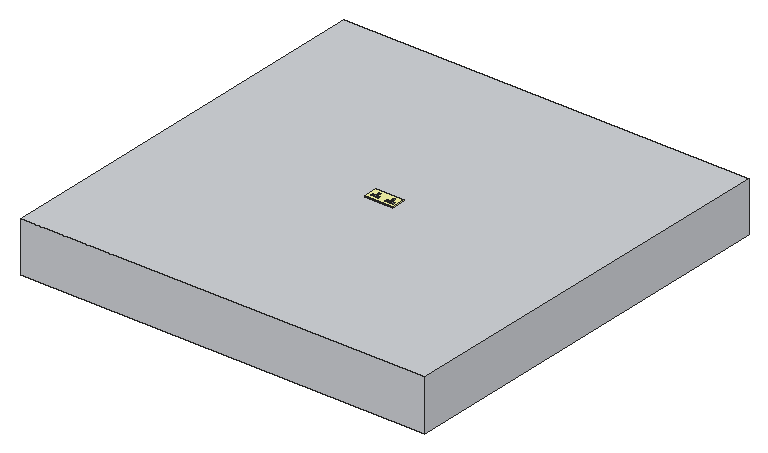
Revit family "EP_Twin 13A Floor Socket", category Electrical Fixtures, host Face, Revit 2013
Parameters
  soc = Socket
  Voltage = 230 V
  Plate = Face Plate
  Load Classification = Twin Socket
  Load = 200 W
  Default Elevation = 1200 mm
Reference planes
  plane 1 "Center (Front/Back)": y = 0
  plane 2: z = 0
  plane 3 "Center (Left/Right)": x = 0
  plane 4: x = -86
  plane 5: x = 86
  plane 6: y = 43
  plane 7: y = -43
  plane 8 "Switch": z = 4
Forms (mm)
  Extrusion 1, solid
    sketch origin (0, 0, 0) x (1, 0, 0) y (0, 1, 0)
      loop
        line (-1219.2, 1219.2) -> (-1219.2, -1219.2) -> (1219.2, -1219.2) -> (1219.2, 1219.2) -> (-1219.2, 1219.2)
    from 0 to -304.8
  Extrusion 2, solid, material "Face Plate" <- "Plate"
    sketch origin (0, 0, 0) x (1, 0, 0) y (0, 1, 0)
      loop
        line (-86, -43) -> (86, -43) -> (86, 43) -> (-86, 43) -> (-86, -43)
    from 0 to 4
  Extrusion 3, solid, material "Socket" <- "soc"
    sketch origin (-43, 0, 0) x (1, 0, 0) y (0, 1, 0)
      loop
        line (-23, -6) -> (-23, -18) -> (23, -18) -> (23, -6) -> (5, -6) -> (5, 20) -> (-5, 20) -> (-5, -6) -> (-23, -6)
    from 4 to 5
  Extrusion 4, void
    sketch origin (-43, 0, 0) x (1, 0, 0) y (0, 1, 0)
      loop
        line (-17, -9.618) -> (-17, -14) -> (-5, -14) -> (-5, -9.618) -> (-17, -9.618)
    from 0 to 9
  Extrusion 5, void
    sketch origin (-43, 0, 0) x (-1, 0, 0) y (0, -1, 0)
      loop
        line (-17, 9.618) -> (-5, 9.618) -> (-5, 14) -> (-17, 14) -> (-17, 9.618)
    from 0 to 9
  Extrusion 6, void
    sketch origin (-43, 0, 0) x (1, 0, 0) y (0, 1, 0)
      loop
        line (2, 15.984) -> (-2, 15.984) -> (-2, 4) -> (2, 4) -> (2, 15.984)
    from 0 to 9
  Extrusion 7, solid, material "Socket" <- "soc"
    sketch origin (43, 0, 0) x (1, 0, 0) y (0, 1, 0)
      loop
        line (-23, -6) -> (-23, -18) -> (23, -18) -> (23, -6) -> (5, -6) -> (5, 20) -> (-5, 20) -> (-5, -6) -> (-23, -6)
    from 4 to 5
  Extrusion 8, void
    sketch origin (43, 0, 0) x (1, 0, 0) y (0, 1, 0)
      loop
        line (-17, -9.618) -> (-17, -14) -> (-5, -14) -> (-5, -9.618) -> (-17, -9.618)
    from 0 to 9
  Extrusion 9, void
    sketch origin (43, 0, 0) x (-1, 0, 0) y (0, -1, 0)
      loop
        line (-17, 9.618) -> (-5, 9.618) -> (-5, 14) -> (-17, 14) -> (-17, 9.618)
    from 0 to 9
  Extrusion 10, void
    sketch origin (-0.162, -0.311, 0) x (1, 0, 0) y (0, 1, 0)
      loop
        line (41.162, 4.295) -> (45.162, 4.295) -> (45.162, 16.295) -> (41.162, 16.295) -> (41.162, 4.295)
    from 0 to 9
Cuts and joins
  Extrusion 4, Extrusion 5, Extrusion 6, Extrusion 8, Extrusion 9, Extrusion 10 cuts Extrusion 2
  Extrusion 4, Extrusion 5, Extrusion 6, Extrusion 8 cuts Extrusion 3
  Extrusion 8, Extrusion 9, Extrusion 10 cuts Extrusion 7
Dimensions and locks
  plane 4 to plane 3 "Center (Left/Right)" to plane 5 = 86 mm, 86 mm
  aligned and locked: plane 2 to Extrusion 1
  aligned and locked: level to Extrusion 1
Nested families
  nested 1: "EP_TP_FSO" at (0, 0, 0), type "EP_TP_FSO"
Connectors
  electrical at (0, 0, 0), driven by "Load Classification"
    settings: on cut or joined group of Extrusion 2, Extrusion 4, Extrusion 5, Extrusion 6, Extrusion 8, Extrusion 9, Extrusion 10, index 1, voltage 230 V, apparent load 0 W, apparent load phase1 400 W, apparent load phase2 0 W, apparent load phase3 0 W, power factor 1, load classification "Twin Socket", number of poles 1, system type 31, power factor state 1, is connector primary yes, connector utility no, sub classification motor no, connector description ""
Definition of nested family "EP_TP_FSO"
  Reference planes
    plane 1: y = 0
    plane 2: x = 0
  Lines and regions (mm)
    detail lines, style "Power Symbols"
      curve 1: line (-1.494, 0.361, 0) -> (1.506, 0.361, 0)
      curve 2: arc (1.506, 0.361, 0) -> (0.006, 1.861, 0) -> (-1.494, 0.361, 0) r 1.5
      curve 3: line (0, 1.861, 0) -> (0, 3.111, 0)
      curve 4: line (-0.5, 2.9, 0) -> (0.5, 2.9, 0)
      curve 5: line (-1.75, 0, 0) -> (1.75, 0, 0)
      curve 6: line (-1.75, 3.5, 0) -> (-1.75, 0, 0)
      curve 7: line (1.75, 3.5, 0) -> (-1.75, 3.5, 0)
      curve 8: line (1.75, 0, 0) -> (1.75, 3.5, 0)
      curve 9: line (-0.5, 2.5, 0) -> (0.5, 2.5, 0)
